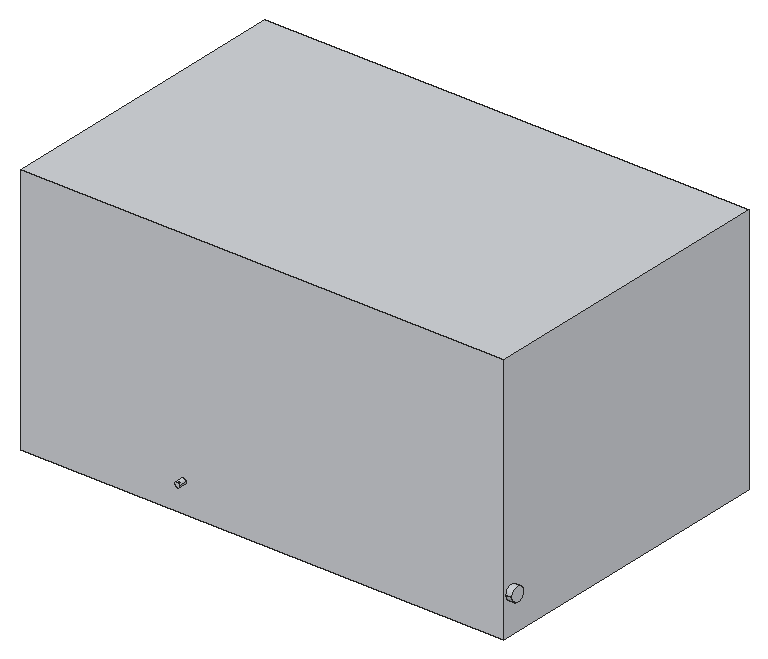
Revit family "fbd03b6cb03e4dd8a3ae11c3c12ebb39", category Mechanical Equipment, Revit 2021
Family settings
  Round Connector Dimension = Use Radius
  Part Type = Normal
  OmniClass Number = 23.75.10.24.21.27.14
  OmniClass Title = Packaged Rooftop Air Conditioning Units
  Seek Item ID = Rooftop AC Units - Electric - 3-25 Tons-0000-USA-ENU
  Work Plane-Based = No
  Always vertical = Yes
  Cut with Voids When Loaded = No
  Shared = No
  Room Calculation Point = No
Parameters (values of type "3 Tons")
  Voltage = 480 V
  Visibility 1 = yes
  Visibility 2 = no
  Unit Width = 3' - 8 1/4"
  Unit Length = 5' - 9 7/8"
  Unit Height = 3' - 0 1/4"
  Supply Air Outlet Width = 15 1/2"
  Supply Air Outlet Height = 16"
  Load Classification = Cooling
  Drain Flow [instance] = 0 GPM
  Default Elevation = 0' - 0"
  Air Flow [instance] = 1440 CFM
  Return Air Inlet Width = 14"
  Return Air Inlet Height = 24"
  Radius 4 = 0.2 * Fan Radius  # 0' - 1.77"
  Radius 3 = 0.4 * Fan Radius  # 0' - 3.54"
  Radius 2 = 0.6 * Fan Radius  # 0' - 5.31"
  Radius 1 = 0.8 * Fan Radius  # 0' - 7.08"
  Number of Poles = 3
  Unit Material = none
  Heating Input = 59371.3 Btu/h
  Fan Radius = 0.2 * Unit Width  # 0' - 8.85"
  Drain Radius = 3/8"
  Drain Diameter = Drain Radius * 2  # 3/4"
  Lenght 1 = Fan Radius + 0' 5"  # 1' - 1.85"
  Distance = 0' - 9 1/4"
  C5 Offset 2 = 0' - 5 5/8"
  C5 Offset 1 = 0' - 1 5/16"
  C4 Offset 1 = 1' - 11 9/16"
  C3 Offset 2 = 0' - 4 1/4"
  C3 Offset 1 = 3' - 6 1/4"
  C2 Offset 2 = 0' - 4"
  C2 Offset 1 = 0' - 3 5/8"
  Apparent Load = 19465.9 VA
  Air Pressure Drop [instance] = 0.343 in-wg
Types (13): name | Visibility 1 | Visibility 2 | Unit Width | Unit Length | Unit Height | Supply Air Outlet Width | Supply Air Outlet Height | Air Flow | Return Air Inlet Width | Return Air Inlet Height | Radius 4 | Radius 3 | Radius 2 | Radius 1 | Heating Input | Fan Radius | Drain Radius | Drain Diameter | Lenght 1 | Distance | C5 Offset 2 | C5 Offset 1 | C4 Offset 1 | C3 Offset 2 | C3 Offset 1 | C2 Offset 2 | C2 Offset 1 | Apparent Load | Air Pressure Drop
  (no name) | yes | no | 3' - 8 1/4" | 5' - 9 7/8" | 3' - 0 1/4" | 15 1/2" | 16" | 1440 CFM | 14" | 24" | 0' - 1.77" | 0' - 3.54" | 0' - 5.31" | 0' - 7.08" | 59371.3 Btu/h | 0' - 8.85" | 3/8" | 3/4" | 1' - 1.85" | 0' - 9 1/4" | 0' - 5 5/8" | 0' - 1 5/16" | 1' - 11 9/16" | 0' - 4 1/4" | 3' - 6 1/4" | 0' - 4" | 0' - 3 5/8" | 19465.9 VA | 0.343 in-wg
  3 Tons | yes | no | 3' - 8 1/4" | 5' - 9 7/8" | 3' - 0 1/4" | 15 1/2" | 16" | 1440 CFM | 14" | 24" | 0' - 1.77" | 0' - 3.54" | 0' - 5.31" | 0' - 7.08" | 59371.3 Btu/h | 0' - 8.85" | 3/8" | 3/4" | 1' - 1.85" | 0' - 9 1/4" | 0' - 5 5/8" | 0' - 1 5/16" | 1' - 11 9/16" | 0' - 4 1/4" | 3' - 6 1/4" | 0' - 4" | 0' - 3 5/8" | 19465.9 VA | 0.343 in-wg
  4 Tons | yes | no | 3' - 8 1/4" | 5' - 9 7/8" | 3' - 0 1/4" | 15 1/2" | 16" | 1920 CFM | 14" | 24" | 0' - 1.77" | 0' - 3.54" | 0' - 5.31" | 0' - 7.08" | 59371.3 Btu/h | 0' - 8.85" | 3/8" | 3/4" | 1' - 1.85" | 0' - 9 1/4" | 0' - 5 5/8" | 0' - 1 5/16" | 1' - 11 9/16" | 0' - 4 1/4" | 3' - 6 1/4" | 0' - 4" | 0' - 3 5/8" | 20048.2 VA | 0.597 in-wg
  5 Tons | yes | no | 3' - 8 1/4" | 5' - 9 7/8" | 3' - 0 1/4" | 15 1/2" | 16" | 2400 CFM | 14" | 24" | 0' - 1.77" | 0' - 3.54" | 0' - 5.31" | 0' - 7.08" | 78479.3 Btu/h | 0' - 8.85" | 3/8" | 3/4" | 1' - 1.85" | 0' - 9 1/4" | 0' - 5 5/8" | 0' - 1 5/16" | 1' - 11 9/16" | 0' - 4 1/4" | 3' - 6 1/4" | 0' - 4" | 0' - 3 5/8" | 28634.4 VA | 0.85 in-wg
  6 Tons | yes | no | 4' - 5 1/4" | 7' - 4 5/8" | 3' - 4 7/8" | 17 1/2" | 33" | 2880 CFM | 17 1/2" | 32 1/8" | 0' - 2.13" | 0' - 4.26" | 0' - 6.39" | 0' - 8.52" | 122837.1 Btu/h | 0' - 10.65" | 3/8" | 3/4" | 1' - 3.65" | 0' - 9 7/8" | 0' - 5 5/8" | 0' - 1 3/8" | 2' - 3 5/8" | 0' - 4 1/4" | 3' - 11 7/8" | 0' - 4" | 0' - 3 5/8" | 40194.5 VA | 0.582 in-wg
  7.5 Tons | yes | no | 4' - 5 1/4" | 7' - 4 5/8" | 3' - 4 7/8" | 17 1/2" | 33" | 3600 CFM | 17 1/2" | 32 1/8" | 0' - 2.13" | 0' - 4.26" | 0' - 6.39" | 0' - 8.52" | 122837.1 Btu/h | 0' - 10.65" | 3/8" | 3/4" | 1' - 3.65" | 0' - 9 7/8" | 0' - 5 5/8" | 0' - 1 3/8" | 2' - 3 5/8" | 0' - 4 1/4" | 3' - 11 7/8" | 0' - 4" | 0' - 3 5/8" | 41133.5 VA | 0.736 in-wg
  8.5 Tons | yes | no | 4' - 5 1/4" | 7' - 4 5/8" | 3' - 10 7/8" | 17 1/2" | 33" | 4080 CFM | 17 1/2" | 32 1/8" | 0' - 2.13" | 0' - 4.26" | 0' - 6.39" | 0' - 8.52" | 122837.1 Btu/h | 0' - 10.65" | 3/8" | 3/4" | 1' - 3.65" | 0' - 9 7/8" | 0' - 5 5/8" | 0' - 1 3/8" | 2' - 3 5/8" | 0' - 4 1/4" | 3' - 11 7/8" | 0' - 4" | 0' - 3 5/8" | 41415.3 VA | 0.939 in-wg
  10 Tons | yes | no | 4' - 5 1/4" | 7' - 4 5/8" | 3' - 10 7/8" | 17 1/2" | 33" | 4800 CFM | 17 1/2" | 32 1/8" | 0' - 2.13" | 0' - 4.26" | 0' - 6.39" | 0' - 8.52" | 184255.6 Btu/h | 0' - 10.65" | 3/8" | 3/4" | 1' - 3.65" | 0' - 9 7/8" | 0' - 5 5/8" | 0' - 1 3/8" | 2' - 3 5/8" | 0' - 4 1/4" | 3' - 11 7/8" | 0' - 4" | 0' - 3 5/8" | 60103.9 VA | 1.181 in-wg
  12.5 Tons | no | yes | 5' - 10 13/16" | 8' - 10 11/16" | 4' - 2 1/8" | 26 7/16" | 54 11/16" | 6000 CFM | 18 11/16" | 62 7/16" | 0' - 2.8325" | 0' - 5.665" | 0' - 8.4975" | 0' - 11.33" | 184255.6 Btu/h | 1' - 2.1625" | 1/2" | 1" | 1' - 7.1625" | 1' - 10 1/2" | 0' - 8 3/8" | 0' - 2 11/16" | 2' - 4 5/8" | 0' - 6 5/8" | 4' - 0 3/8" | 0' - 4 1/4" | 0' - 4 1/4" | 61449.9 VA | 0.77 in-wg
  15 Tons | no | yes | 5' - 10 13/16" | 8' - 10 11/16" | 4' - 2 1/8" | 26 7/16" | 54 11/16" | 7200 CFM | 18 11/16" | 62 7/16" | 0' - 2.8325" | 0' - 5.665" | 0' - 8.4975" | 0' - 11.33" | 184255.6 Btu/h | 1' - 2.1625" | 1/2" | 1" | 1' - 7.1625" | 1' - 10 1/2" | 0' - 8 3/8" | 0' - 2 11/16" | 2' - 4 5/8" | 0' - 6 5/8" | 4' - 0 3/8" | 0' - 4 1/4" | 0' - 4 1/4" | 62952.4 VA | 0.68 in-wg
  17.5 Tons | no | yes | 5' - 10 13/16" | 8' - 10 11/16" | 4' - 2 1/8" | 26 7/16" | 54 11/16" | 8400 CFM | 18 11/16" | 62 7/16" | 0' - 2.8325" | 0' - 5.665" | 0' - 8.4975" | 0' - 11.33" | 184255.6 Btu/h | 1' - 2.1625" | 1/2" | 1" | 1' - 7.1625" | 1' - 10 1/2" | 0' - 8 3/8" | 0' - 2 11/16" | 2' - 4 5/8" | 0' - 6 5/8" | 4' - 0 3/8" | 0' - 4 1/4" | 0' - 4 1/4" | 64454.9 VA | 0.84 in-wg
  20 Tons | no | yes | 7' - 0 3/16" | 10' - 1 11/16" | 4' - 6" | 26 7/16" | 68 11/16" | 9600 CFM | 19 15/16" | 76 5/16" | 0' - 3.3675" | 0' - 6.735" | 0' - 10.1025" | 1' - 1.47" | 245674.2 Btu/h | 1' - 4.8375" | 1/2" | 1" | 1' - 9.8375" | 2' - 4 3/4" | 0' - 8 15/16" | 0' - 2 11/16" | 3' - 0" | 0' - 6 13/16" | 4' - 8" | 0' - 4 1/4" | 0' - 4 1/4" | 84270.4 VA | 1.05 in-wg
  25 Tons | no | yes | 7' - 0 3/16" | 10' - 1 11/16" | 4' - 6" | 26 7/16" | 68 11/16" | 11000 CFM | 19 15/16" | 76 5/16" | 0' - 3.3675" | 0' - 6.735" | 0' - 10.1025" | 1' - 1.47" | 245674.2 Btu/h | 1' - 4.8375" | 1/2" | 1" | 1' - 9.8375" | 2' - 4 3/4" | 0' - 8 15/16" | 0' - 2 11/16" | 3' - 0" | 0' - 6 13/16" | 4' - 8" | 0' - 4 1/4" | 0' - 4 1/4" | 85146.9 VA | 1.38 in-wg
Reference planes (in)
  plane 1 "Center (Front/Back)": y = 0
  plane 2: z = 0
  plane 3 "Center (Left/Right)": x = 0
  plane 4: x = -69.875
  plane 5 "Unit Height": z = 36.25
  plane 6: y = 44.25
  plane 7: z = 4.25
  plane 8: x = -27.625
  plane 9: y = 40.25
  plane 10: x = -66.25
  plane 11: x = -52.25
  plane 12: y = 16.25
  plane 13: x = -43
  plane 14: x = -27.5
  plane 15: y = 24.25
  plane 16: z = 5.625
  plane 17: y = 1.3125
  plane 18: y = 33.1875
  plane 19: x = -13.85
  plane 20: x = -46.3125
  plane 21: y = 11.0625
  plane 22: y = 22.125
Forms (in)
  Extrusion 1, solid, material <- "Unit Material"
    sketch origin (0, 0, 0) x (1, 0, 0) y (0, 1, 0)
      loop
        line (-69.875, 44.25) -> (-69.875, 0) -> (0, 0) -> (0, 44.25) -> (-69.875, 44.25)
    from 0 to 36.25
  Extrusion 2, void
    sketch origin (0, 0, 0) x (1, 0, 0) y (0, 1, 0)
      loop
        line (-66.25, 40.25) -> (-66.25, 16.25) -> (-52.25, 16.25) -> (-52.25, 40.25) -> (-66.25, 40.25)
      loop
        line (-43, 40.25) -> (-43, 24.25) -> (-27.5, 24.25) -> (-27.5, 40.25) -> (-43, 40.25)
    from 0 to 4.25
  Extrusion 3, solid, material <- "Unit Material"
    sketch origin (0, 0, 0) x (0, 1, 0) y (0, 0, 1)
      loop
        circle (1.3125, 5.625) r 1
    from 0 to 1
  Extrusion 4, solid, material <- "Unit Material"
    sketch origin (0, 0, 0) x (1, 0, 0) y (0, 0, 1)
      loop
        circle (-46.3125, 4.25) r 0.375
    from 0 to 1.00679
Cuts and joins
  Extrusion 2 cuts Extrusion 1
  joined: Extrusion 1, Extrusion 3, Extrusion 4
Lines and regions (in)
  model lines, visible <- "Visibility 2"
    curve 1: circle (-13.85, 33.1875, 36.25) r 8.85 normal (0, 0, 1)
    curve 2: circle (-13.85, 33.1875, 36.25) r 7.08 normal (0, 0, 1)
    curve 3: circle (-13.85, 33.1875, 36.25) r 5.31 normal (0, 0, 1)
    curve 4: circle (-13.85, 33.1875, 36.25) r 3.54 normal (0, 0, 1)
    curve 5: circle (-13.85, 33.1875, 36.25) r 1.77 normal (0, 0, 1)
    curve 6: circle (-13.85, 11.0625, 36.25) r 8.85 normal (0, 0, 1)
    curve 7: circle (-13.85, 11.0625, 36.25) r 7.08 normal (0, 0, 1)
    curve 8: circle (-13.85, 11.0625, 36.25) r 5.31 normal (0, 0, 1)
    curve 9: circle (-13.85, 11.0625, 36.25) r 3.54 normal (0, 0, 1)
    curve 10: circle (-13.85, 11.0625, 36.25) r 1.77 normal (0, 0, 1)
  model lines, visible <- "Visibility 1"
    curve 11: circle (-13.85, 22.125, 36.25) r 8.85 normal (0, 0, 1)
    curve 12: circle (-13.85, 22.125, 36.25) r 7.08 normal (0, 0, 1)
    curve 13: circle (-13.85, 22.125, 36.25) r 5.31 normal (0, 0, 1)
    curve 14: circle (-13.85, 22.125, 36.25) r 3.54 normal (0, 0, 1)
    curve 15: circle (-13.85, 22.125, 36.25) r 1.77 normal (0, 0, 1)
Dimensions and locks (in)
  "Unit Height": plane 5 "Unit Height" to plane 2
  "Unit Length": plane 4 to plane 3 "Center (Left/Right)"
  "Unit Width": plane 6 to plane 1 "Center (Front/Back)"
  "C3 Offset 2": plane 7 to plane 2
  "C3 Offset 1": plane 8 to plane 4
  "C2 Offset 2": plane 6 to plane 9
  "C2 Offset 1": plane 4 to plane 10
  "Return Air Inlet Height": plane 9 to plane 12
  "Return Air Inlet Width": plane 10 to plane 11
  "Distance": plane 11 to plane 13
  "Supply Air Outlet Width": plane 13 to plane 14
  "Supply Air Outlet Height": plane 9 to plane 15
  "C5 Offset 2": plane 16 to plane 2
  "C5 Offset 1": plane 17 to plane 1 "Center (Front/Back)"
  locked: Extrusion 3 to plane 3 "Center (Left/Right)" at 1
  "Lenght 1": plane 19 to plane 3 "Center (Left/Right)"
  "C4 Offset 1": plane 20 to plane 4
  locked: Extrusion 4 to plane 1 "Center (Front/Back)" at 1.00679
  locked: cut or joined group of Extrusion 1, Extrusion 2, Extrusion 3, Extrusion 4 to plane 2 at 4.25
  equal spacing: plane 6, plane 22, plane 1 "Center (Front/Back)"
  equal spacing: plane 6, plane 18, plane 22
  equal spacing: plane 1 "Center (Front/Back)", plane 21, plane 22
  radius of Extrusion 3 sketch curve = 0' - 1"
  "Fan Radius": radius of curve 1
  "Radius 1": radius of curve 2
  "Radius 2": radius of curve 3
  "Radius 3": radius of curve 4
  "Radius 4": radius of curve 5
  "Drain Radius": radius of Extrusion 4 sketch curve
  "Fan Radius": radius of curve 6
  "Radius 1": radius of curve 7
  "Radius 2": radius of curve 8
  "Radius 3": radius of curve 9
  "Radius 4": radius of curve 10
  "Radius 4": radius of curve 15
  "Radius 3": radius of curve 14
  "Radius 2": radius of curve 13
  "Radius 1": radius of curve 12
  "Fan Radius": radius of curve 11
  aligned and locked: plane 4 to Extrusion 1 sketch curve
  aligned and locked: Extrusion 1 sketch curve to plane 6
  aligned and locked: plane 1 "Center (Front/Back)" to Extrusion 1 sketch curve
  aligned and locked: Extrusion 1 sketch curve to plane 3 "Center (Left/Right)"
  aligned and locked: plane 5 "Unit Height" to Extrusion 1
  aligned and locked: Extrusion 1 to plane 2
  aligned and locked: plane 10 to Extrusion 2 sketch curve
  aligned and locked: Extrusion 2 sketch curve to plane 9  (x2)
  aligned and locked: plane 12 to Extrusion 2 sketch curve
  aligned and locked: Extrusion 2 sketch curve to plane 11
  aligned and locked: plane 13 to Extrusion 2 sketch curve
  aligned and locked: plane 15 to Extrusion 2 sketch curve
  aligned and locked: Extrusion 2 sketch curve to plane 14
  aligned and locked: cut or joined group of Extrusion 1, Extrusion 2, Extrusion 3, Extrusion 4 to plane 2
  aligned and locked: plane 17 to Extrusion 3 sketch curve
  aligned and locked: plane 16 to Extrusion 3 sketch curve
  aligned and locked: Extrusion 3 to plane 3 "Center (Left/Right)"
  aligned and locked: plane 19 to curve 1
  aligned and locked: plane 18 to curve 1
  aligned and locked: plane 19 to curve 2
  aligned and locked: plane 18 to curve 2
  aligned and locked: plane 19 to curve 3
  aligned and locked: plane 18 to curve 3
  aligned and locked: plane 19 to curve 4
  aligned and locked: plane 18 to curve 4
  aligned and locked: plane 19 to curve 5
  aligned and locked: plane 18 to curve 5
  aligned and locked: plane 20 to Extrusion 4 sketch curve
  aligned and locked: plane 7 to Extrusion 4 sketch curve
  aligned and locked: plane 19 to curve 10
  aligned and locked: plane 21 to curve 10
  aligned and locked: plane 19 to curve 9
  aligned and locked: plane 21 to curve 9
  aligned and locked: plane 19 to curve 8
  aligned and locked: plane 21 to curve 8
  aligned and locked: plane 19 to curve 7
  aligned and locked: plane 21 to curve 7
  aligned and locked: plane 19 to curve 6
  aligned and locked: plane 21 to curve 6
  aligned and locked: plane 19 to curve 15
  aligned and locked: plane 22 to curve 15
  aligned and locked: plane 19 to curve 14
  aligned and locked: plane 22 to curve 14
  aligned and locked: plane 19 to curve 13
  aligned and locked: plane 22 to curve 13
  aligned and locked: plane 19 to curve 12
  aligned and locked: plane 22 to curve 12
  aligned and locked: plane 19 to curve 11
  aligned and locked: plane 22 to curve 11
Connectors (in)
  hvac at (-35.25, 32.25, 0), driven by "Air Flow", driven by "Supply Air Outlet Height", driven by "Supply Air Outlet Width"
    settings: on cut or joined group of Extrusion 1, Extrusion 2, Extrusion 3, Extrusion 4, index 1, duct flow 1440 CFM, flow factor 0, pres drop 0.00 in-wg, loss coef 0, conn angle 0.00°, conn width 15 1/2", conn height 16", conn diameter 24", duct sys type 1, conn prof type 1, flow config 0, flow direction 2, loss method 0, conn ref index 2, conn util no, is conn primary yes, conn desc ""
  hvac at (-59.25, 28.25, 0), driven by "Air Flow", driven by "Return Air Inlet Height", driven by "Return Air Inlet Width"
    settings: on cut or joined group of Extrusion 1, Extrusion 2, Extrusion 3, Extrusion 4, index 2, duct flow 1440 CFM, flow factor 0, pres drop 0.00 in-wg, loss coef 0, conn angle 0.00°, conn width 14", conn height 24", conn diameter 24", duct sys type 2, conn prof type 1, flow config 0, flow direction 1, loss method 0, conn ref index 1, conn util no, is conn primary no, conn desc ""
  piping at (-46.3125, -1.00679, 4.25), diameter 0.75, driven by "Drain Flow", driven by "Drain Radius"
    settings: on cut or joined group of Extrusion 1, Extrusion 2, Extrusion 3, Extrusion 4, index 3, connector inside diameter 3/4", connector length 0' - 0", flow factor 0, pipe flow 0 GPM, pressure drop 0.00 psi, fitting loss kfactor 0, connector angle 0.00°, fixture units 0, engagement length 0' - 0", angle of deflection 0.00°, flow configuration 1, flow direction 2, fitting loss method 0, system type 16, joint type 0, gender type 0, connector reference index -1, connector utility 0, adjustable connector yes, is connector primary yes, connector description "Drain Out"
  electrical at (1, 1.3125, 5.625), driven by "Apparent Load", driven by "Voltage", driven by "Number of Poles", driven by "Load Classification"
    settings: on cut or joined group of Extrusion 1, Extrusion 2, Extrusion 3, Extrusion 4, index 4, voltage 480 V, apparent load 19465.9 VA, apparent load phase1 0 VA, apparent load phase2 0 VA, apparent load phase3 0 VA, power factor 0.8, load classification "Cooling", number of poles 3, system type 30, power factor state 1, is connector primary yes, connector utility no, sub classification motor no, connector description ""
